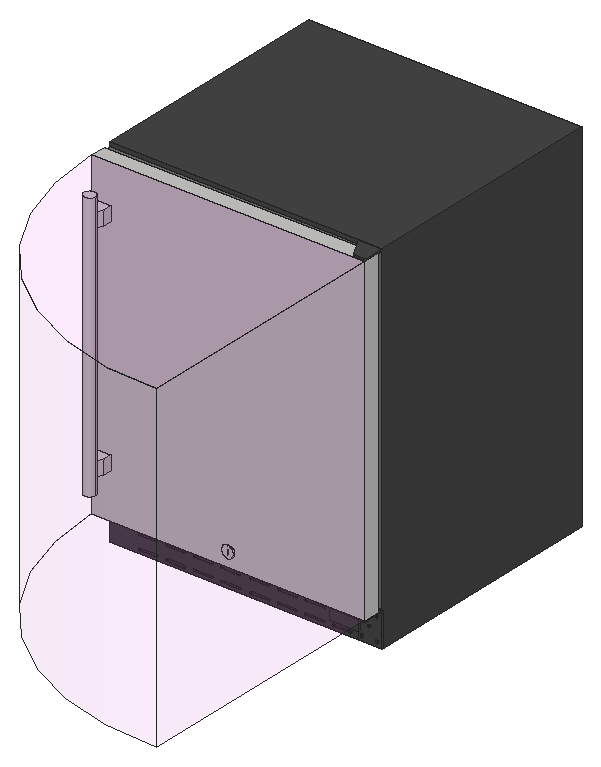
Revit family "QF_Summit_AL55_ADA_Compliant_All_Refrigerator", category Specialty Equipment, Revit 2020
Family settings
  Round Connector Dimension = Use Diameter
  Part Type = Normal
  Work Plane-Based = No
  Always vertical = Yes
  Cut with Voids When Loaded = No
  Shared = No
  Room Calculation Point = No
Parameters
  Weight in Pounds = 95
  Watts = if(Phase = 3, Volts * FL Amps * 1.73, Volts * FL Amps)  # 115 W
  Volts = 115 V
  Ventilation Remarks = ""
  URL Cutsheet = ""
  Specification by User = ""
  Specification by Manufacturer = ""
  Show LHD [instance] = no
  Show RHD [instance] = not(Show LHD)  # yes
  Serial Number = ""
  Seismic Rating = ""
  SMACNA No = ""
  Revision Code = ""
  Refrigerant Volume = 0.00 kip
  Refrigerant Type = "R600a"
  Phase = 1
  Number of Poles = 1
  NAFEM Spec ID Number = ""
  Model = "AL55"
  Min Ckt Ampacity = 0 A
  Max Overcurrent Protection = 0 A
  Masterspec = ""
  Manufacturer = "Summit"
  Length = 23 1/2"
  Item Number = ""
  Installed By = ""
  Identify Quantity as Lot = yes
  Height = 31 5/8"
  HP = ""
  Furnished By = ""
  Foodservice Equipment Identifier = yes
  FL Amps = 1 A
  Electrical Remarks = ""
  Electric Connection Type = ""
  Elec Conn RI Height = 0"
  Elec Conn Connection Height = 0"
  Description = "ADA Compliant All-Refrigerator"
  Depth = 23 3/8"
  Default Elevation = 0"
  Cycle = 60 Hz
  Conn Plug = ""
  Conn Conduit = yes
  CSI MasterFormat = ""
  Base Height [instance] = 3/4"
  BTUH = 0.0 Btu/h
  Apparent Power = if(Phase = 3, Volts * FL Amps * 1.73, Volts * FL Amps)  # 115 VA
Reference planes (in)
  plane 1 "BACK": y = 0
  plane 2: z = 0
  plane 3 "LEFT": x = 0
  plane 4 "RIGHT": x = 23.5
  plane 5 "FRONT": y = -23.375
  plane 6 "TOP": z = 31.625
  plane 7 "Center Y": x = 11.75
  plane 8 "Center X": y = -11.6875
  plane 9 "Base Height": z = 0.75
  plane 10: y = -45.75
  plane 11: y = -21.5
  plane 12: z = 3.75
  plane 13: y = -25.375
Forms (in)
  Extrusion 1, solid, material "QF_Metal_Black"
    sketch origin (0, 0, 0.75) x (-1, 0, 0) y (0, -1, 0)
      loop
        line (0, 0) -> (0, 21.5) -> (-23.5, 21.5) -> (-23.5, 0) -> (0, 0)
    from 0 to 30.875
  Extrusion 2, solid, material "QF_Metal_Stainless_Polished"
    sketch origin (23.5, -22, 0.75) x (-1, 0, 0) y (0, 0, -1)
      loop
        line (23.5, -30.6875) -> (23.5, -3) -> (0, -3) -> (0, -30.6875) -> (23.5, -30.6875)
    from 0 to 1.375
  Extrusion 3, solid, material "QF_Metal_Black"
    sketch origin (23.5, -21.5, 0.75) x (-1, 0, 0) y (0, 0, -1)
      loop
        line (23.5, -3) -> (23.5, 0) -> (0, 0) -> (0, -3) -> (23.5, -3)
      loop
        arc (2.6275, -2.5) -> (2.5025, -2.625) -> (2.6275, -2.75) r 0.125
        line (2.6275, -2.75) -> (4.1225, -2.75)
        arc (4.1225, -2.75) -> (4.2475, -2.625) -> (4.1225, -2.5) r 0.125
        line (4.1225, -2.5) -> (2.6275, -2.5)
      loop
        line (2.6275, -1.625) -> (4.1225, -1.625)
        arc (4.1225, -1.625) -> (4.2475, -1.5) -> (4.1225, -1.375) r 0.125
        line (4.1225, -1.375) -> (2.6275, -1.375)
        arc (2.6275, -1.375) -> (2.5025, -1.5) -> (2.6275, -1.625) r 0.125
      loop
        line (2.6275, -0.5) -> (4.1225, -0.5)
        arc (4.1225, -0.5) -> (4.2475, -0.375) -> (4.1225, -0.25) r 0.125
        line (4.1225, -0.25) -> (2.6275, -0.25)
        arc (2.6275, -0.25) -> (2.5025, -0.375) -> (2.6275, -0.5) r 0.125
      loop
        arc (5.015, -2.5) -> (4.89, -2.625) -> (5.015, -2.75) r 0.125
        line (5.015, -2.75) -> (6.51, -2.75)
        arc (6.51, -2.75) -> (6.635, -2.625) -> (6.51, -2.5) r 0.125
        line (6.51, -2.5) -> (5.015, -2.5)
      loop
        line (5.015, -1.625) -> (6.51, -1.625)
        arc (6.51, -1.625) -> (6.635, -1.5) -> (6.51, -1.375) r 0.125
        line (6.51, -1.375) -> (5.015, -1.375)
        arc (5.015, -1.375) -> (4.89, -1.5) -> (5.015, -1.625) r 0.125
      loop
        line (5.015, -0.5) -> (6.51, -0.5)
        arc (6.51, -0.5) -> (6.635, -0.375) -> (6.51, -0.25) r 0.125
        line (6.51, -0.25) -> (5.015, -0.25)
        arc (5.015, -0.25) -> (4.89, -0.375) -> (5.015, -0.5) r 0.125
      loop
        arc (7.385, -2.5) -> (7.26, -2.625) -> (7.385, -2.75) r 0.125
        line (7.385, -2.75) -> (8.88, -2.75)
        arc (8.88, -2.75) -> (9.005, -2.625) -> (8.88, -2.5) r 0.125
        line (8.88, -2.5) -> (7.385, -2.5)
      loop
        line (7.385, -1.625) -> (8.88, -1.625)
        arc (8.88, -1.625) -> (9.005, -1.5) -> (8.88, -1.375) r 0.125
        line (8.88, -1.375) -> (7.385, -1.375)
        arc (7.385, -1.375) -> (7.26, -1.5) -> (7.385, -1.625) r 0.125
      loop
        line (7.385, -0.5) -> (8.88, -0.5)
        arc (8.88, -0.5) -> (9.005, -0.375) -> (8.88, -0.25) r 0.125
        line (8.88, -0.25) -> (7.385, -0.25)
        arc (7.385, -0.25) -> (7.26, -0.375) -> (7.385, -0.5) r 0.125
      loop
        arc (9.755, -2.5) -> (9.63, -2.625) -> (9.755, -2.75) r 0.125
        line (9.755, -2.75) -> (11.25, -2.75)
        arc (11.25, -2.75) -> (11.375, -2.625) -> (11.25, -2.5) r 0.125
        line (11.25, -2.5) -> (9.755, -2.5)
      loop
        line (9.755, -1.625) -> (11.25, -1.625)
        arc (11.25, -1.625) -> (11.375, -1.5) -> (11.25, -1.375) r 0.125
        line (11.25, -1.375) -> (9.755, -1.375)
        arc (9.755, -1.375) -> (9.63, -1.5) -> (9.755, -1.625) r 0.125
      loop
        line (9.755, -0.5) -> (11.25, -0.5)
        arc (11.25, -0.5) -> (11.375, -0.375) -> (11.25, -0.25) r 0.125
        line (11.25, -0.25) -> (9.755, -0.25)
        arc (9.755, -0.25) -> (9.63, -0.375) -> (9.755, -0.5) r 0.125
      loop
        arc (12.25, -2.5) -> (12.125, -2.625) -> (12.25, -2.75) r 0.125
        line (12.25, -2.75) -> (13.745, -2.75)
        arc (13.745, -2.75) -> (13.87, -2.625) -> (13.745, -2.5) r 0.125
        line (13.745, -2.5) -> (12.25, -2.5)
      loop
        line (12.25, -1.625) -> (13.745, -1.625)
        arc (13.745, -1.625) -> (13.87, -1.5) -> (13.745, -1.375) r 0.125
        line (13.745, -1.375) -> (12.25, -1.375)
        arc (12.25, -1.375) -> (12.125, -1.5) -> (12.25, -1.625) r 0.125
      loop
        line (12.25, -0.5) -> (13.745, -0.5)
        arc (13.745, -0.5) -> (13.87, -0.375) -> (13.745, -0.25) r 0.125
        line (13.745, -0.25) -> (12.25, -0.25)
        arc (12.25, -0.25) -> (12.125, -0.375) -> (12.25, -0.5) r 0.125
      loop
        arc (14.62, -2.5) -> (14.495, -2.625) -> (14.62, -2.75) r 0.125
        line (14.62, -2.75) -> (16.115, -2.75)
        arc (16.115, -2.75) -> (16.24, -2.625) -> (16.115, -2.5) r 0.125
        line (16.115, -2.5) -> (14.62, -2.5)
      loop
        line (14.62, -1.625) -> (16.115, -1.625)
        arc (16.115, -1.625) -> (16.24, -1.5) -> (16.115, -1.375) r 0.125
        line (16.115, -1.375) -> (14.62, -1.375)
        arc (14.62, -1.375) -> (14.495, -1.5) -> (14.62, -1.625) r 0.125
      loop
        line (14.62, -0.5) -> (16.115, -0.5)
        arc (16.115, -0.5) -> (16.24, -0.375) -> (16.115, -0.25) r 0.125
        line (16.115, -0.25) -> (14.62, -0.25)
        arc (14.62, -0.25) -> (14.495, -0.375) -> (14.62, -0.5) r 0.125
      loop
        arc (16.99, -2.5) -> (16.865, -2.625) -> (16.99, -2.75) r 0.125
        line (16.99, -2.75) -> (18.485, -2.75)
        arc (18.485, -2.75) -> (18.61, -2.625) -> (18.485, -2.5) r 0.125
        line (18.485, -2.5) -> (16.99, -2.5)
      loop
        line (16.99, -1.625) -> (18.485, -1.625)
        arc (18.485, -1.625) -> (18.61, -1.5) -> (18.485, -1.375) r 0.125
        line (18.485, -1.375) -> (16.99, -1.375)
        arc (16.99, -1.375) -> (16.865, -1.5) -> (16.99, -1.625) r 0.125
      loop
        line (16.99, -0.5) -> (18.485, -0.5)
        arc (18.485, -0.5) -> (18.61, -0.375) -> (18.485, -0.25) r 0.125
        line (18.485, -0.25) -> (16.99, -0.25)
        arc (16.99, -0.25) -> (16.865, -0.375) -> (16.99, -0.5) r 0.125
      loop
        arc (19.3775, -2.5) -> (19.2525, -2.625) -> (19.3775, -2.75) r 0.125
        line (19.3775, -2.75) -> (20.8725, -2.75)
        arc (20.8725, -2.75) -> (20.9975, -2.625) -> (20.8725, -2.5) r 0.125
        line (20.8725, -2.5) -> (19.3775, -2.5)
      loop
        line (19.3775, -1.625) -> (20.8725, -1.625)
        arc (20.8725, -1.625) -> (20.9975, -1.5) -> (20.8725, -1.375) r 0.125
        line (20.8725, -1.375) -> (19.3775, -1.375)
        arc (19.3775, -1.375) -> (19.2525, -1.5) -> (19.3775, -1.625) r 0.125
      loop
        line (19.3775, -0.5) -> (20.8725, -0.5)
        arc (20.8725, -0.5) -> (20.9975, -0.375) -> (20.8725, -0.25) r 0.125
        line (20.8725, -0.25) -> (19.3775, -0.25)
        arc (19.3775, -0.25) -> (19.2525, -0.375) -> (19.3775, -0.5) r 0.125
    from -0.0625 to 0
  Extrusion 4, solid, material "QF_Rubber - Black - Smooth"
    sketch origin (23.5, -21.5, 0.75) x (-1, 0, 0) y (0, 0, -1)
      loop
        line (0.125, -30.5625) -> (23.375, -30.5625) -> (23.375, -3.125) -> (0.125, -3.125) -> (0.125, -30.5625)
    from 0 to 0.5
  Extrusion 5, solid, material "QF_Rubber - Black - Smooth"
    sketch origin (0, 0, 0.75) x (1, 0, 0) y (0, 0, -1)
      loop
        circle (17.5, -0.88431) r 0.25
    from 0 to 0.0625
  Revolve 6, solid, material "QF_Metal_Black"
    sketch origin (0.26439, -2.1875, 0) x (1, 0, 0) y (0, 0, 1)
      loop
        line (21.67311, 0.75) -> (21.48561, 0.75) -> (21.48561, 0.5) -> (21.08978, 0.5) -> (21.08978, 0.4375) -> (21.17311, 0) -> (21.67311, 0) -> (21.67311, 0.75)
      axis (21.67311, 0) -> (21.67311, 0.75)
    angle from 0 to 360
  Revolve 7, solid, material "QF_Metal_Black"
    sketch origin (0, -19.3125, 0) x (1, 0, 0) y (0, 0, 1)
      loop
        line (21.9375, 0.75) -> (21.75, 0.75) -> (21.75, 0.5) -> (21.35417, 0.5) -> (21.35417, 0.4375) -> (21.4375, 0) -> (21.9375, 0) -> (21.9375, 0.75)
      axis (21.9375, 0) -> (21.9375, 0.75)
    angle from 0 to 360
  Extrusion 8, solid, material "QF_Clearances_Door_Drawer", visible <- "Show RHD"
    sketch origin (0, 0, 0.75) x (-1, 0, 0) y (0, -1, 0)
      loop
        line (-23.5, 45.73834) -> (-23.5, 23.375) -> (0, 23.375)
        arc (0, 23.375) -> (-6.95525, 39.59512) -> (-23.5, 45.73834) r 22.39083
    from 3 to 30.6875
  Extrusion 9, void
    sketch origin (23.5, -23.375, 0.75) x (-1, 0, 0) y (0, 0, -1)
      loop
        circle (11.75, -4.21324) r 0.5625
    from -0.0625 to 0.125
  Extrusion 10, solid, material "QF_Metal - Stainless - Polished"
    sketch origin (23.5, -23.3125, 0.75) x (-1, 0, 0) y (0, 0, -1)
      loop
        circle (11.75, -4.21324) r 0.5
      loop
        line (11.7697, -4.3997) -> (11.7697, -4.02678) -> (11.7303, -4.02678) -> (11.7303, -4.3997) -> (11.7697, -4.3997)
    from 0 to 0.125
  Extrusion 11, solid, material "QF_Metal_Black", visible <- "Show RHD"
    sketch origin (0, 0, 31.625) x (-1, 0, 0) y (0, -1, 0)
      loop
        line (-21.5, 21.5) -> (-22.46339, 23.25301)
        arc (-22.46339, 23.25301) -> (-22.50887, 23.29662) -> (-22.56985, 23.3125) r 0.125
        line (-22.56985, 23.3125) -> (-23.375, 23.3125)
        arc (-23.375, 23.3125) -> (-23.46339, 23.27589) -> (-23.5, 23.1875) r 0.125
        line (-23.5, 23.1875) -> (-23.5, 21.5) -> (-21.5, 21.5)
    from 0 to -0.125
  Extrusion 12, solid, material "QF_Metal_Black", visible <- "Show RHD"
    sketch origin (-0.05469, 0, 31.5) x (0, -1, 0) y (-1, 0, 0)
      loop
        circle (22.75861, -23.03988) r 0.17496
    from 0 to 0.0625
  Extrusion 13, solid, material "QF_Metal_Black", visible <- "Show RHD"
    sketch origin (23.5, -22, 3.75) x (0, 1, 0) y (1, 0, 0)
      loop
        line (0.4375, -1.96565) -> (0.4375, 0) -> (-1.1875, 0)
        arc (-1.1875, 0) -> (-1.27589, -0.03661) -> (-1.3125, -0.125) r 0.125
        line (-1.3125, -0.125) -> (-1.3125, -0.93015)
        arc (-1.3125, -0.93015) -> (-1.29662, -0.99113) -> (-1.25301, -1.03661) r 0.125
        line (-1.25301, -1.03661) -> (0.4375, -1.96565)
    from 0.0625 to 0.125
  Extrusion 14, void
    sketch origin (23.5, -21.5, 0.75) x (-1, 0, 0) y (0, 0, -1)
      loop
        line (0, 0) -> (0, -3) -> (23.5, -3) -> (23.5, 0) -> (0, 0)
    from -0.0625 to 0.5
  Extrusion 15, solid, material "QF_Metal_Black", visible <- "Show RHD"
    sketch origin (23.5, -21.5, 0.75) x (-1, 0, 0) y (0, 0, -1)
      loop
        line (0, 0) -> (0, -3) -> (2, -3) -> (2, 0) -> (0, 0)
      loop
        circle (1.66025, -2.38661) r 0.15788
      loop
        circle (1, -1.4375) r 0.15625
      loop
        circle (0.33975, -2.38661) r 0.15625
      loop
        circle (1.66025, -0.48839) r 0.15625
      loop
        circle (0.33975, -0.48839) r 0.15625
    from 0 to 0.0625
  Extrusion 16, solid, material "QF_Metal_Black", visible <- "Show RHD"
    sketch origin (23.5, 0, 0) x (0, -1, 0) y (0, 0, 1)
      loop
        arc (23.375, 3.6752) -> (23.35309, 3.72809) -> (23.3002, 3.75) r 0.0748
        line (23.3002, 3.75) -> (22.375, 3.75) -> (22.375, 3.6875) -> (23.3125, 3.6875) -> (23.3125, 2.75) -> (23.375, 2.75) -> (23.375, 3.6752)
    from 0.5 to 3
  Extrusion 17, solid, material "QF_Metal - Stainless - Polished", visible <- "Show RHD"
    sketch origin (0, 0, 0.75) x (-1, 0, 0) y (0, -1, 0)
      loop
        circle (-1, 24.875) r 0.5
    from 5.625 to 28.625
  Extrusion 18, solid, material "QF_Metal - Stainless - Polished", visible <- "Show RHD"
    sketch origin (0, 0, 29.375) x (-1, 0, 0) y (0, -1, 0)
      loop
        line (-0.375, 23.375) -> (-0.375, 24.125) -> (-0.56092, 24.63581)
        arc (-0.56092, 24.63581) -> (-1, 24.375) -> (-1.43908, 24.63581) r 0.5
        line (-1.43908, 24.63581) -> (-1.625, 24.125) -> (-1.625, 23.375) -> (-0.375, 23.375)
    from -1.25 to -2.5
  Extrusion 19, solid, material "QF_Metal - Stainless - Polished", visible <- "Show RHD"
    sketch origin (0, 0, 6.375) x (0, -1, 0) y (-1, 0, 0)
      loop
        line (24.125, -1.625) -> (24.63581, -1.43908)
        arc (24.63581, -1.43908) -> (24.375, -1) -> (24.63581, -0.56092) r 0.5
        line (24.63581, -0.56092) -> (24.125, -0.375) -> (23.375, -0.375) -> (23.375, -1.625) -> (24.125, -1.625)
    from -1.25 to -2.5
  Revolve 20, solid, material "QF_Metal_Black"
    sketch origin (-20.17311, -2.1875, 0) x (1, 0, 0) y (0, 0, 1)
      loop
        line (21.67311, 0.75) -> (21.48561, 0.75) -> (21.48561, 0.5) -> (21.08978, 0.5) -> (21.08978, 0.4375) -> (21.17311, 0) -> (21.67311, 0) -> (21.67311, 0.75)
      axis (21.67311, 0) -> (21.67311, 0.75)
    angle from 0 to 360
  Revolve 21, solid, material "QF_Metal_Black"
    sketch origin (-20.4375, -19.3125, 0) x (1, 0, 0) y (0, 0, 1)
      loop
        line (21.9375, 0.75) -> (21.75, 0.75) -> (21.75, 0.5) -> (21.35417, 0.5) -> (21.35417, 0.4375) -> (21.4375, 0) -> (21.9375, 0) -> (21.9375, 0.75)
      axis (21.9375, 0) -> (21.9375, 0.75)
    angle from 0 to 360
  Extrusion 22, solid, material "QF_Clearances_Door_Drawer", visible <- "Show LHD"
    sketch origin (23.5, 0, 0.75) x (1, 0, 0) y (0, 1, 0)
      loop
        arc (-23.5, -45.73834) -> (-6.95525, -39.59512) -> (0, -23.375) r 22.39083
        line (0, -23.375) -> (-23.5, -23.375) -> (-23.5, -45.73834)
    from 3 to 30.6875
  Extrusion 23, solid, material "QF_Metal_Black", visible <- "Show LHD"
    sketch origin (23.5, 0, 31.625) x (1, 0, 0) y (0, 1, 0)
      loop
        line (-21.5, -21.5) -> (-23.5, -21.5) -> (-23.5, -23.1875)
        arc (-23.5, -23.1875) -> (-23.46339, -23.27589) -> (-23.375, -23.3125) r 0.125
        line (-23.375, -23.3125) -> (-22.56985, -23.3125)
        arc (-22.56985, -23.3125) -> (-22.50887, -23.29662) -> (-22.46339, -23.25301) r 0.125
        line (-22.46339, -23.25301) -> (-21.5, -21.5)
    from 0 to -0.125
  Extrusion 24, solid, material "QF_Metal_Black", visible <- "Show LHD"
    sketch origin (23.55469, 0, 31.5) x (0, 1, 0) y (1, 0, 0)
      loop
        circle (-22.75861, -23.03988) r 0.17496
    from 0 to 0.0625
  Extrusion 25, solid, material "QF_Metal_Black", visible <- "Show LHD"
    sketch origin (0, -22, 3.75) x (0, -1, 0) y (-1, 0, 0)
      loop
        line (-0.4375, -1.96565) -> (1.25301, -1.03661)
        arc (1.25301, -1.03661) -> (1.29662, -0.99113) -> (1.3125, -0.93015) r 0.125
        line (1.3125, -0.93015) -> (1.3125, -0.125)
        arc (1.3125, -0.125) -> (1.27589, -0.03661) -> (1.1875, 0) r 0.125
        line (1.1875, 0) -> (-0.4375, 0) -> (-0.4375, -1.96565)
    from 0.0625 to 0.125
  Extrusion 26, solid, material "QF_Metal_Black", visible <- "Show LHD"
    sketch origin (0, -21.5, 0.75) x (1, 0, 0) y (0, 0, 1)
      loop
        line (0, 0) -> (2, 0) -> (2, 3) -> (0, 3) -> (0, 0)
      loop
        circle (1.66025, 2.38661) r 0.15788
      loop
        circle (1, 1.4375) r 0.15625
      loop
        circle (0.33975, 2.38661) r 0.15625
      loop
        circle (1.66025, 0.48839) r 0.15625
      loop
        circle (0.33975, 0.48839) r 0.15625
    from 0 to 0.0625
  Extrusion 27, solid, material "QF_Metal_Black", visible <- "Show LHD"
    sketch origin (0, 0, 0) x (0, -1, 0) y (0, 0, -1)
      loop
        line (23.375, -3.6752) -> (23.375, -2.75) -> (23.3125, -2.75) -> (23.3125, -3.6875) -> (22.375, -3.6875) -> (22.375, -3.75) -> (23.3002, -3.75)
        arc (23.3002, -3.75) -> (23.35309, -3.72809) -> (23.375, -3.6752) r 0.0748
    from 0.5 to 3
  Extrusion 28, solid, material "QF_Metal - Stainless - Polished", visible <- "Show LHD"
    sketch origin (23.5, 0, 0.75) x (1, 0, 0) y (0, 1, 0)
      loop
        circle (-1, -24.875) r 0.5
    from 5.625 to 28.625
  Extrusion 29, solid, material "QF_Metal - Stainless - Polished", visible <- "Show LHD"
    sketch origin (23.5, 0, 29.375) x (1, 0, 0) y (0, 1, 0)
      loop
        line (-0.375, -23.375) -> (-1.625, -23.375) -> (-1.625, -24.125) -> (-1.43908, -24.63581)
        arc (-1.43908, -24.63581) -> (-1, -24.375) -> (-0.56092, -24.63581) r 0.5
        line (-0.56092, -24.63581) -> (-0.375, -24.125) -> (-0.375, -23.375)
    from -1.25 to -2.5
  Extrusion 30, solid, material "QF_Metal - Stainless - Polished", visible <- "Show LHD"
    sketch origin (23.5, 0, 6.375) x (0, -1, 0) y (1, 0, 0)
      loop
        line (24.125, -1.625) -> (24.63581, -1.43908)
        arc (24.63581, -1.43908) -> (24.375, -1) -> (24.63581, -0.56092) r 0.5
        line (24.63581, -0.56092) -> (24.125, -0.375) -> (23.375, -0.375) -> (23.375, -1.625) -> (24.125, -1.625)
    from -1.25 to -2.5
Cuts and joins
  Extrusion 9 cuts Extrusion 2
  Extrusion 14 cuts Extrusion 1
Lines and regions (in)
  symbolic lines
    curve 1: line (0, 0, 0.75) -> (23.5, 0, 0.75)
    curve 2: line (0, -21.5, 0.75) -> (0, 0, 0.75)
    curve 3: line (23.5, -21.5, 0.75) -> (0, -21.5, 0.75)
    curve 4: line (23.5, 0, 0.75) -> (23.5, -21.5, 0.75)
    curve 6: line (0, -22, 0.75) -> (0, -23.375, 0.75)
    curve 7: line (0, -23.375, 0.75) -> (23.5, -23.375, 0.75)
    curve 11: line (0, -23.375, 0.75) -> (0, -22, 0.75)
    curve 12: line (23.5, -23.375, 0.75) -> (0, -23.375, 0.75)
    curve 36: line (1.72522, -22, 0.75) -> (21.77478, -22, 0.75)
    curve 39: line (23.5, -22, 0.75) -> (23.5, -23.375, 0.75)
  symbolic lines, visible <- "Show RHD"
    curve 5: line (0.125, -22, 0.75) -> (0.125, -21.5, 0.75)
    curve 10: line (0, -22, 0.75) -> (1.72522, -22, 0.75)
    curve 13: line (21.5, -21.5, 0.75) -> (22.46339, -23.25301, 0.75)
    curve 14: line (22.56985, -23.3125, 0.75) -> (23.375, -23.3125, 0.75)
    curve 15: arc (23.375, -23.3125, 0.75) -> (23.46339, -23.27589, 0.75) -> (23.5, -23.1875, 0.75) r 0.125
    curve 16: arc (22.46339, -23.25301, 0.75) -> (22.50887, -23.29662, 0.75) -> (22.56985, -23.3125, 0.75) r 0.125
    curve 17: line (0.375, -23.375, 0.75) -> (0.375, -24.125, 0.75)
    curve 18: line (0.375, -24.125, 0.75) -> (0.56092, -24.63581, 0.75)
    curve 19: arc (1.5, -24.875, 0.75) -> (1, -24.375, 0.75) -> (0.5, -24.875, 0.75) r 0.5
    curve 20: arc (0.5, -24.875, 0.75) -> (1, -25.375, 0.75) -> (1.5, -24.875, 0.75) r 0.5
    curve 21: line (1.43908, -24.63581, 0.75) -> (1.625, -24.125, 0.75)
    curve 22: line (1.625, -24.125, 0.75) -> (1.625, -23.375, 0.75)
    curve 38: line (23.5, -21.5, 0.75) -> (23.5, -22, 0.75)
  symbolic lines, style "QF_Clearances_Door_Drawer", visible <- "Show RHD"
    curve 8: line (23.5, -23.375, 0.75) -> (3.26795, -35.05598, 0.75)
    curve 9: arc (0, -23.375, 0.75) -> (0.83238, -29.43975, 0.75) -> (3.26795, -35.05598, 0.75) r 22.51023
  symbolic lines, style "QF_Clearances_Door_Drawer", visible <- "Show LHD"
    curve 23: line (0, -23.375, 0.75) -> (20.23205, -35.05598, 0.75)
    curve 24: arc (23.5, -23.375, 0.75) -> (22.66762, -29.43975, 0.75) -> (20.23205, -35.05598, 0.75) r 22.51023
  symbolic lines, visible <- "Show LHD"
    curve 25: line (23.375, -22, 0.75) -> (23.375, -21.5, 0.75)
    curve 26: line (2, -21.5, 0.75) -> (1.03661, -23.25301, 0.75)
    curve 27: line (0.93015, -23.3125, 0.75) -> (0.125, -23.3125, 0.75)
    curve 28: arc (0.125, -23.3125, 0.75) -> (0.03661, -23.27589, 0.75) -> (0, -23.1875, 0.75) r 0.125
    curve 29: arc (1.03661, -23.25301, 0.75) -> (0.99113, -23.29662, 0.75) -> (0.93015, -23.3125, 0.75) r 0.125
    curve 30: line (23.125, -23.375, 0.75) -> (23.125, -24.125, 0.75)
    curve 31: line (23.125, -24.125, 0.75) -> (22.93908, -24.63581, 0.75)
    curve 32: arc (22, -24.875, 0.75) -> (22.5, -24.375, 0.75) -> (23, -24.875, 0.75) r 0.5
    curve 33: arc (23, -24.875, 0.75) -> (22.5, -25.375, 0.75) -> (22, -24.875, 0.75) r 0.5
    curve 34: line (22.06092, -24.63581, 0.75) -> (21.875, -24.125, 0.75)
    curve 35: line (21.875, -24.125, 0.75) -> (21.875, -23.375, 0.75)
    curve 37: line (23.5, -22, 0.75) -> (21.77478, -22, 0.75)
    curve 40: line (0, -21.5, 0.75) -> (0, -22, 0.75)
Dimensions and locks (in)
  equal spacing: plane 3 "LEFT", plane 7 "Center Y", plane 4 "RIGHT"
  "Length": plane 3 "LEFT" to plane 4 "RIGHT"
  equal spacing: plane 5 "FRONT", plane 8 "Center X", plane 1 "BACK"
  "Depth": plane 5 "FRONT" to plane 1 "BACK"
  "Height": plane 6 "TOP" to level
  "Base Height": plane 9 "Base Height" to level
  plane 10 to plane 1 "BACK" = 45 3/4"
  plane 11 to plane 1 "BACK" = 21 1/2"
  plane 12 to plane 9 "Base Height" = 3"
  plane 13 to plane 5 "FRONT" = 2"
  aligned and locked: level to plane 2
Automatic sketch dimensions
  plane 1 "BACK" to Extrusion 1 sketch curve = 0"
  Extrusion 1 sketch curve to plane 4 "RIGHT" = 0"
  Extrusion 1 sketch curve to plane 3 "LEFT" = 0"
  Extrusion 1 sketch curve to plane 11 = 0"
  Extrusion 4 to Extrusion 2 sketch curve = 1/8"  (x4)
  Extrusion 3 sketch curve to Extrusion 1 = 0"  (x3)
  Extrusion 1 to Extrusion 3 sketch curve = 1/4"  (x2)
  Extrusion 3 sketch curve to Extrusion 1 = 2.6275"
  Extrusion 3 sketch curve to Extrusion 3 sketch curve = 0"  (x20)
  Extrusion 3 sketch curve to Extrusion 3 sketch curve = 1.495"  (x8)
  Extrusion 1 to Extrusion 3 sketch curve = 1/2"
  Extrusion 1 to Extrusion 3 sketch curve = 3/8"  (x6)
  Extrusion 3 sketch curve to Extrusion 3 sketch curve = 0.8925"  (x6)
  Extrusion 3 sketch curve to Extrusion 3 sketch curve = 7/8"  (x24)
  Extrusion 3 sketch curve to Extrusion 3 sketch curve = 1"  (x4)
  Extrusion 3 sketch curve to Extrusion 3 sketch curve = 1/8"  (x22)
  Extrusion 3 sketch curve to Extrusion 3 sketch curve = 1 1/8"
  Extrusion 3 sketch curve to Extrusion 3 sketch curve = 1/4"  (x2)
  Extrusion 4 sketch curve to Extrusion 1 = 1/8"
  Extrusion 1 to Extrusion 4 sketch curve = 1/8"
  Extrusion 1 to Extrusion 4 sketch curve = 5/16"
  Extrusion 1 to Extrusion 4 sketch curve = 3 1/8"
  Extrusion 1 to Extrusion 5 sketch curve = 0.88431"
  Extrusion 5 sketch curve to Extrusion 1 = 6"
  Revolve 6 sketch curve to level = 0"
  Revolve 6 sketch curve to plane 9 "Base Height" = 0"  (x2)
  Revolve 6 sketch curve to plane 9 "Base Height" = 1/4"
  plane 4 "RIGHT" to Revolve 6 sketch curve = 2.14583"
  Revolve 6 sketch curve to Revolve 6 sketch curve = 0.08333"
  Revolve 6 sketch curve to Revolve 6 sketch curve = 0.39583"
  Revolve 6 sketch curve to Revolve 6 sketch curve = 3/16"
  Revolve 6 sketch curve to Revolve 6 sketch curve = 1/16"
  Revolve 6 sketch curve to Revolve 6 sketch curve = 0"
  plane 9 "Base Height" to Revolve 6 sketch curve = 0.13117"
  Revolve 7 sketch curve to level = 0"
  Revolve 7 sketch curve to plane 9 "Base Height" = 0"  (x2)
  Revolve 7 sketch curve to plane 9 "Base Height" = 1/4"
  plane 4 "RIGHT" to Revolve 7 sketch curve = 2.14583"
  Revolve 7 sketch curve to Revolve 7 sketch curve = 0.08333"
  Revolve 7 sketch curve to Revolve 7 sketch curve = 0.39583"
  Revolve 7 sketch curve to Revolve 7 sketch curve = 3/16"
  Revolve 7 sketch curve to Revolve 7 sketch curve = 1/16"
  Revolve 7 sketch curve to Revolve 7 sketch curve = 0"
  plane 9 "Base Height" to Revolve 7 sketch curve = 0.29336"
  Extrusion 8 sketch curve to plane 4 "RIGHT" = 0"
  plane 5 "FRONT" to Extrusion 8 sketch curve = 0"
  Extrusion 8 sketch curve to plane 3 "LEFT" = 0"
  plane 4 "RIGHT" to Extrusion 8 sketch curve = 1.10917"
  Extrusion 9 sketch curve to Extrusion 2 = 1.21324"
  Extrusion 9 sketch curve to Extrusion 2 = 11 3/4"
  Extrusion 10 sketch curve to Extrusion 10 sketch curve = 0.0197"
  Extrusion 10 sketch curve to Extrusion 10 sketch curve = 0.03939"
  Extrusion 10 sketch curve to Extrusion 10 sketch curve = 0.18646"  (x2)
  Extrusion 11 sketch curve to Extrusion 1 = 0"
  Extrusion 1 to Extrusion 11 sketch curve = 0"
  Extrusion 11 sketch curve to Extrusion 11 sketch curve = 1/8"
  Extrusion 11 sketch curve to Extrusion 11 sketch curve = 0.80515"
  Extrusion 11 sketch curve to Extrusion 11 sketch curve = 0.10646"
  Extrusion 11 sketch curve to Extrusion 11 sketch curve = 1.06985"
  Extrusion 1 to Extrusion 11 sketch curve = 1 11/16"
  Extrusion 11 sketch curve to Extrusion 11 sketch curve = 0"
  Extrusion 11 to Extrusion 12 sketch curve = 0.55389"
  Extrusion 11 to Extrusion 12 sketch curve = 0.5148"
  Extrusion 13 sketch curve to Extrusion 2 = 0"
  Extrusion 13 sketch curve to Extrusion 2 = 1/16"
  Extrusion 13 sketch curve to Extrusion 13 sketch curve = 0.05949"
  Extrusion 13 sketch curve to Extrusion 13 sketch curve = 1/8"  (x2)
  Extrusion 2 to Extrusion 13 sketch curve = 7/16"
  Extrusion 13 sketch curve to Extrusion 13 sketch curve = 0.80515"
  Extrusion 13 sketch curve to Extrusion 13 sketch curve = 1.0355"
  Extrusion 14 sketch curve to Extrusion 1 = 0"  (x3)
  Extrusion 1 to Extrusion 14 sketch curve = 3"
  Extrusion 15 sketch curve to Extrusion 3 = 0"  (x3)
  Extrusion 15 sketch curve to Extrusion 3 = 0.11339"  (x2)
  Extrusion 15 sketch curve to Extrusion 3 = 0.33975"  (x2)
  Extrusion 3 to Extrusion 15 sketch curve = 0.01161"  (x2)
  Extrusion 3 to Extrusion 15 sketch curve = 1/16"
  Extrusion 15 sketch curve to Extrusion 3 = 1"
  Extrusion 15 sketch curve to Extrusion 15 sketch curve = 0.66025"  (x2)
  Extrusion 15 sketch curve to Extrusion 15 sketch curve = 0.33975"
  Extrusion 16 sketch curve to plane 12 = 0"
  Extrusion 16 sketch curve to plane 5 "FRONT" = 0"
  Extrusion 16 sketch curve to plane 5 "FRONT" = 1/16"
  Extrusion 16 sketch curve to Extrusion 16 sketch curve = 0.0123"  (x2)
  Extrusion 16 sketch curve to plane 11 = 7/8"
  Extrusion 16 sketch curve to Extrusion 16 sketch curve = 0.9252"
  Extrusion 18 sketch curve to Extrusion 18 sketch curve = 0.43908"  (x2)
  Extrusion 18 sketch curve to Extrusion 18 sketch curve = 0.18592"  (x2)
  Extrusion 18 sketch curve to Extrusion 18 sketch curve = 0.51081"  (x2)
  Extrusion 18 sketch curve to Extrusion 18 sketch curve = 3/4"
  Extrusion 19 sketch curve to Extrusion 19 sketch curve = 0.23919"  (x2)
  Extrusion 19 sketch curve to Extrusion 19 sketch curve = 0.51081"  (x2)
  Extrusion 19 sketch curve to Extrusion 19 sketch curve = 3/4"
  Extrusion 19 sketch curve to Extrusion 19 sketch curve = 0.18592"
  Extrusion 19 sketch curve to Extrusion 19 sketch curve = 1 1/4"
  Revolve 20 sketch curve to level = 0"
  Revolve 20 sketch curve to plane 9 "Base Height" = 0"  (x2)
  Revolve 20 sketch curve to plane 9 "Base Height" = 1/4"
  plane 3 "LEFT" to Revolve 20 sketch curve = 0.91667"
  Revolve 20 sketch curve to Revolve 20 sketch curve = 0.08333"
  Revolve 20 sketch curve to Revolve 20 sketch curve = 0.39583"
  Revolve 20 sketch curve to Revolve 20 sketch curve = 3/16"
  Revolve 20 sketch curve to Revolve 20 sketch curve = 1/16"
  Revolve 20 sketch curve to Revolve 20 sketch curve = 0"
  plane 9 "Base Height" to Revolve 20 sketch curve = 0.13117"
  Revolve 21 sketch curve to level = 0"
  Revolve 21 sketch curve to plane 9 "Base Height" = 0"  (x2)
  Revolve 21 sketch curve to plane 9 "Base Height" = 1/4"
  plane 3 "LEFT" to Revolve 21 sketch curve = 0.91667"
  Revolve 21 sketch curve to Revolve 21 sketch curve = 0.08333"
  Revolve 21 sketch curve to Revolve 21 sketch curve = 0.39583"
  Revolve 21 sketch curve to Revolve 21 sketch curve = 3/16"
  Revolve 21 sketch curve to Revolve 21 sketch curve = 1/16"
  Revolve 21 sketch curve to Revolve 21 sketch curve = 0"
  plane 9 "Base Height" to Revolve 21 sketch curve = 0.29336"
  Extrusion 22 sketch curve to plane 3 "LEFT" = 0"
  plane 5 "FRONT" to Extrusion 22 sketch curve = 0"
  Extrusion 22 sketch curve to plane 4 "RIGHT" = 0"
  Extrusion 22 sketch curve to plane 3 "LEFT" = 1.10917"
  Extrusion 23 sketch curve to Extrusion 1 = 0"
  Extrusion 1 to Extrusion 23 sketch curve = 0"
  Extrusion 23 sketch curve to Extrusion 1 = 1/8"
  Extrusion 23 sketch curve to Extrusion 23 sketch curve = 0.80515"
  Extrusion 23 sketch curve to Extrusion 23 sketch curve = 0.10646"
  Extrusion 23 sketch curve to Extrusion 23 sketch curve = 1.06985"
  Extrusion 1 to Extrusion 23 sketch curve = 1 11/16"
  Extrusion 23 sketch curve to Extrusion 23 sketch curve = 1/8"
  Extrusion 23 to Extrusion 24 sketch curve = 0.55389"
  Extrusion 23 to Extrusion 24 sketch curve = 0.5148"
  Extrusion 25 sketch curve to Extrusion 2 = 0"
  Extrusion 2 to Extrusion 25 sketch curve = 7/16"
  Extrusion 25 sketch curve to Extrusion 2 = 3/16"  (x2)
  Extrusion 25 sketch curve to Extrusion 2 = 0.12199"
  Extrusion 25 sketch curve to Extrusion 2 = 1/16"
  Extrusion 25 sketch curve to Extrusion 25 sketch curve = 0.80515"
  Extrusion 25 sketch curve to Extrusion 25 sketch curve = 1.0355"
  Extrusion 3 to Extrusion 26 sketch curve = 0"
  Extrusion 26 sketch curve to Extrusion 3 = 0"  (x2)
  Extrusion 26 sketch curve to Extrusion 3 = 0.11339"  (x2)
  Extrusion 26 sketch curve to Extrusion 3 = 0.33975"  (x2)
  Extrusion 3 to Extrusion 26 sketch curve = 0.01161"  (x2)
  Extrusion 3 to Extrusion 26 sketch curve = 1/16"
  Extrusion 26 sketch curve to Extrusion 3 = 1"
  Extrusion 26 sketch curve to Extrusion 26 sketch curve = 0.66025"  (x2)
  Extrusion 26 sketch curve to Extrusion 26 sketch curve = 0.33975"
  Extrusion 27 sketch curve to plane 12 = 0"
  Extrusion 27 sketch curve to plane 5 "FRONT" = 0"
  Extrusion 27 sketch curve to plane 5 "FRONT" = 1/16"
  Extrusion 27 sketch curve to Extrusion 27 sketch curve = 0.0123"  (x2)
  Extrusion 27 sketch curve to plane 11 = 7/8"
  Extrusion 27 sketch curve to Extrusion 27 sketch curve = 0.9252"
  Extrusion 28 sketch curve to plane 4 "RIGHT" = 1"
  Extrusion 28 sketch curve to plane 13 = 1/2"
  Extrusion 29 sketch curve to Extrusion 29 sketch curve = 0.43908"  (x2)
  Extrusion 29 sketch curve to Extrusion 29 sketch curve = 0.18592"  (x2)
  Extrusion 29 sketch curve to Extrusion 29 sketch curve = 0.51081"  (x2)
  Extrusion 29 sketch curve to Extrusion 29 sketch curve = 3/4"
  Extrusion 30 sketch curve to Extrusion 30 sketch curve = 0.23919"  (x2)
  Extrusion 30 sketch curve to Extrusion 30 sketch curve = 0.51081"  (x2)
  Extrusion 30 sketch curve to Extrusion 30 sketch curve = 3/4"
  Extrusion 30 sketch curve to Extrusion 30 sketch curve = 0.18592"
  Extrusion 30 sketch curve to Extrusion 30 sketch curve = 1 1/4"
  curve 19 to curve 20 = 0"  (x2)
  curve 32 to curve 33 = 0"  (x2)
  curve 39 to plane 4 "RIGHT" = 0"
  curve 25 to plane 11 = 0"
  plane 5 "FRONT" to curve 30 = 0"
  curve 23 to plane 3 "LEFT" = 0"
  plane 1 "BACK" to curve 1 = 0"
  curve 15 to curve 15 = 1/8"
  plane 4 "RIGHT" to curve 31 = 3/8"
  curve 16 to plane 5 "FRONT" = 3/16"
  curve 30 to curve 16 = 0.55515"
  curve 14 to curve 9 = 0.05962"
  plane 13 to curve 32 = 1/2"
  curve 30 to curve 32 = 5/8"
  curve 13 to plane 5 "FRONT" = 0.12199"
  curve 16 to curve 13 = 0.10646"
  curve 32 to curve 35 = 5/8"
  plane 4 "RIGHT" to curve 23 = 3.26795"
  plane 3 "LEFT" to curve 8 = 3.26795"
  plane 5 "FRONT" to curve 22 = 3/4"
  plane 3 "LEFT" to curve 22 = 1 5/8"
  curve 26 to plane 5 "FRONT" = 0.12199"
  curve 22 to curve 26 = 0.58839"
  plane 13 to curve 20 = 1/2"
  curve 21 to curve 20 = 5/8"
  curve 29 to curve 24 = 0.04684"
  curve 29 to curve 29 = 0.10646"
  plane 3 "LEFT" to curve 17 = 3/8"
  plane 3 "LEFT" to curve 28 = 1/8"
  curve 39 to plane 11 = 1/2"
  curve 10 to plane 11 = 1/2"
  curve 28 to plane 5 "FRONT" = 3/16"
  plane 5 "FRONT" to curve 18 = 3/4"
  curve 35 to curve 35 = 3/4"
  curve 30 to curve 30 = 3/4"
  plane 4 "RIGHT" to curve 25 = 1/8"
  curve 32 to curve 32 = 1/2"
  curve 32 to curve 31 = 0.06092"
  plane 13 to curve 34 = 0.73919"
  curve 36 to plane 11 = 1/2"
  curve 35 to curve 36 = 0.10022"
  curve 26 to curve 22 = 3/8"
  curve 20 to curve 19 = 1/2"
  plane 13 to curve 21 = 0.73919"
  curve 18 to curve 19 = 0.06092"
  plane 3 "LEFT" to curve 5 = 1/8"
  radius of Extrusion 5 sketch curve = 1/4"
  radius of Extrusion 9 sketch curve = 9/16"
  radius of Extrusion 10 sketch curve to Extrusion 9 = 1/16"
  radius of Extrusion 12 sketch curve = 0.17496"
  radius of Extrusion 15 sketch curve = 0.15788"
  radius of Extrusion 15 sketch curve = 5/32"  (x4)
  radius of Extrusion 18 sketch curve to Extrusion 17 = 0"
  radius of Extrusion 19 sketch curve to Extrusion 17 = 0"
  radius of Extrusion 24 sketch curve = 0.17496"
  radius of Extrusion 26 sketch curve = 0.15788"
  radius of Extrusion 26 sketch curve = 5/32"  (x4)
  radius of Extrusion 28 sketch curve = 1/2"
  radius of Extrusion 29 sketch curve to Extrusion 28 = 0"
  radius of Extrusion 30 sketch curve to Extrusion 28 = 0"
Connectors (in)
  electrical at (17.5, 0.0625, 1.63431), driven by "Volts"
    settings: on Extrusion 5, index 1, voltage 115 V, apparent load 0 VA, apparent load phase1 0 VA, apparent load phase2 0 VA, apparent load phase3 0 VA, power factor 1, load classification "Other", number of poles 1, system type 30, power factor state 1, is connector primary yes, connector utility no, sub classification motor no, connector description "Electrical Connection"
